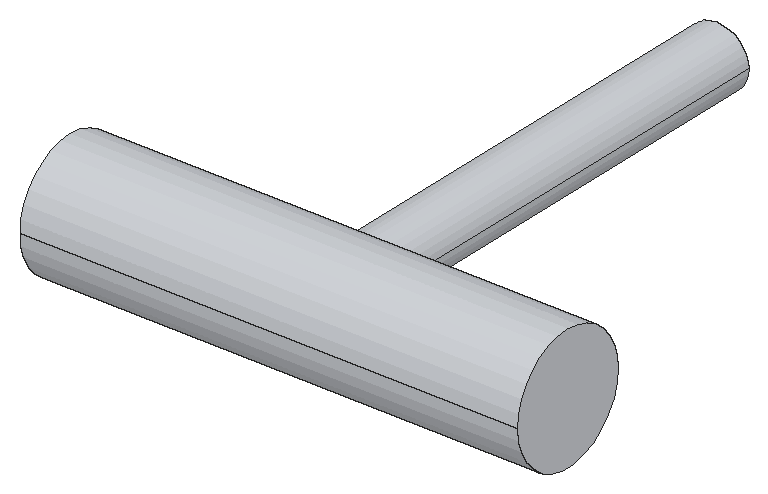
Revit family "DuctFitting_Round_Wye", category Duct Fittings, Revit 2020
Family settings
  Round Connector Dimension = Use Diameter
  Part Type = Elbow
  Work Plane-Based = No
  Always vertical = Yes
  Cut with Voids When Loaded = No
  Shared = No
Parameters
  Length Branch [instance] = 400 mm
  Length Main [instance] = 400 mm
  Diameter Main [instance] = 100 mm
  Diameter Branch [instance] = 50 mm
  Default Elevation = 0 mm
  Angle [instance] = 90.00°
Reference planes
  plane 1 "Center (Front/Back)": y = 0
  plane 2: z = 0
  plane 3 "Center (Left/Right)": x = 0
Forms (mm)
  Sweep 1, solid
    path in 3D
      loop
        line (-200, 0, 0) -> (200, 0, 0)
    profile origin (0, 0, 0) x (0, 1, 0) y (0, 0, 1)
      loop
        circle (0, 0) r 50
  Sweep 2, solid
    path in 3D
      loop
        line (0, 0, 0) -> (0, 400, 0)
    profile origin (0, 200, 0) x (-1, 0, 0) y (0, 0, 1)
      loop
        circle (0, 0) r 25
Lines and regions (mm)
  model lines
    curve 1: line (-200, 0, 0) -> (200, 0, 0)
    curve 2: line (0, 0, 0) -> (0, 400, 0)
  sketch lines
    curve 3: line (-200, 0, 0) -> (200, 0, 0)
    curve 4: line (0, 0, 0) -> (0, 400, 0)
Dimensions and locks
  "Length Branch": curve 2 to curve 2
  "Length Main": curve 1 to curve 1
  equal spacing: curve 1, plane 3 "Center (Left/Right)", curve 1
  "Diameter Branch": diameter of Sweep 2 sketch curve
  "Diameter Main": diameter of Sweep 1 sketch curve
  "Angle": angle curve 1 to curve 2
  aligned and locked: level to plane 2
Automatic sketch dimensions
  plane 1 "Center (Front/Back)" to curve 2 = 0 mm
  curve 2 to plane 3 "Center (Left/Right)" = 0 mm
  Sweep 1 sketch curve to profile plane = 0 mm  (x2)
  Sweep 2 sketch curve to profile plane = 0 mm  (x2)
Connectors
  hvac at (0, 400, 0), driven by "Diameter Branch"
    settings: on Sweep 2, index 1, duct flow 0.0 L/s, flow factor 0, pres drop 0.0 Pa, loss coef 0, conn angle 0.00°, conn width 304.8 mm, conn height 304.8 mm, conn diameter 50 mm, duct sys type 1, conn prof type 0, flow config 0, flow direction 0, loss method 0, conn ref index -1, conn util no, is conn primary yes, conn desc ""
  hvac at (-200, 0, 0), driven by "Diameter Main"
    settings: on Sweep 1, index 2, duct flow 0.0 L/s, flow factor 0, pres drop 0.0 Pa, loss coef 0, conn angle 0.00°, conn width 304.8 mm, conn height 304.8 mm, conn diameter 100 mm, duct sys type 1, conn prof type 0, flow config 0, flow direction 0, loss method 0, conn ref index -1, conn util no, is conn primary no, conn desc ""
  hvac at (200, 0, 0), driven by "Diameter Main"
    settings: on Sweep 1, index 3, duct flow 0.0 L/s, flow factor 0, pres drop 0.0 Pa, loss coef 0, conn angle 0.00°, conn width 304.8 mm, conn height 304.8 mm, conn diameter 100 mm, duct sys type 1, conn prof type 0, flow config 0, flow direction 0, loss method 0, conn ref index -1, conn util no, is conn primary no, conn desc ""
